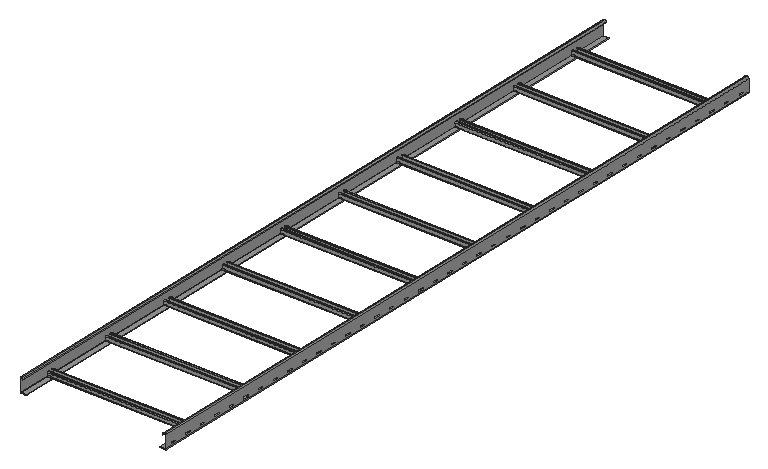
Revit family "LLIS 660 3 FS_FT Kabelleiter,gelocht", category Generic Models, Revit 2017
Family settings
  Can host rebar = No
  Round Connector Dimension = Use Diameter
  Part Type = Normal
  Work Plane-Based = No
  Always vertical = Yes
  Cut with Voids When Loaded = No
  Shared = No
  Room Calculation Point = No
Parameters (values of type "LLIS 660 3 FT")
  Width = 599.965 mm
  URL = "http://www.obo-bettermann.com"
  Material = hot dip galvanised
  Manufacturer Art.No. = "6209578"
  Manufacturer = "OBO BETTERMANN"
  GTIN = "4012196773169"
  Cut's number 2 = 40
  Cut's number = 10
  Article Type = "LLIS 660 3 FT"
Types (3, lengths in mm): name | Material | Manufacturer Art.No. | GTIN | Article Type
  (no name) | hot dip galvanised | "6209578" | "4012196773169" | "LLIS 660 3 FT"
  LLIS 660 3 FS | Strip galvanised | "6209558" | "4012196772575" | "LLIS 660 3 FS"
  LLIS 660 3 FT | hot dip galvanised | "6209578" | "4012196773169" | "LLIS 660 3 FT"
Reference planes
  plane 1 "Center (Front/Back)": y = 0
  plane 2: z = 0
  plane 3 "Center (Left/Right)": x = 0
  plane 4: x = 200
  plane 5: z = 60
  plane 6: x = 12
  plane 7: x = 188
  plane 8: z = 51
  plane 9: z = 51
  plane 10: z = 55.5
  plane 11: z = 55.5
  plane 12: y = 3000
  plane 13: y = 150
  plane 14: y = 135
  plane 15: y = 165
  plane 16: z = 19
  plane 17: x = 196.263
  plane 18: x = 199.013
  plane 19: x = 199.967
  plane 20: x = -396.237
  plane 21: x = -398.99
  plane 22: y = 450
  plane 23: y = 435
  plane 24: y = 465
  plane 25: z = 19
  plane 26: y = 750
  plane 27: y = 735
  plane 28: y = 765
  plane 29: z = 19
  plane 30: y = 1050
  plane 31: y = 1035
  plane 32: y = 1065
  plane 33: z = 19
  plane 34: y = 1350
  plane 35: y = 1335
  plane 36: y = 1365
  plane 37: z = 19
  plane 38: y = 1650
  plane 39: y = 1635
  plane 40: y = 1665
  plane 41: z = 19
  plane 42: y = 1950
  plane 43: y = 1935
  plane 44: y = 1965
  plane 45: z = 19
  plane 46: y = 2250
  plane 47: y = 2235
  plane 48: y = 2265
  plane 49: z = 19
  plane 50: y = 2550
  plane 51: y = 2535
  plane 52: y = 2565
  plane 53: z = 19
  plane 54: y = 2850
  plane 55: y = 2835
  plane 56: y = 2865
  plane 57: z = 19
  plane 58: x = 199
  plane 59: x = -399.048
  plane 60: z = 14
  plane 61: y = 37.5
  plane 62: z = 14
  plane 63: y = 112.5
  plane 64: z = 14
  plane 65: y = 187.5
  plane 66: z = 14
  plane 67: y = 262.5
  plane 68: z = 14
  plane 69: y = 337.5
  plane 70: z = 14
  plane 71: y = 412.5
  plane 72: z = 14
  plane 73: y = 487.5
  plane 74: z = 14
  plane 75: y = 562.5
  plane 76: z = 14
  plane 77: y = 637.5
  plane 78: z = 14
  plane 79: y = 712.5
  plane 80: z = 14
  plane 81: y = 787.5
  plane 82: z = 14
  plane 83: y = 862.5
  plane 84: z = 14
  plane 85: y = 937.5
  plane 86: z = 14
  plane 87: y = 1012.5
  plane 88: z = 14
  plane 89: y = 1087.5
  plane 90: z = 14
  plane 91: y = 1162.5
  plane 92: z = 14
  plane 93: y = 1237.5
  plane 94: z = 14
  plane 95: y = 1312.5
  plane 96: z = 14
  plane 97: y = 1387.5
  plane 98: z = 14
  plane 99: y = 1462.5
  plane 100: z = 14
  plane 101: y = 1537.5
  plane 102: z = 14
  plane 103: y = 1612.5
  plane 104: z = 14
  plane 105: y = 1687.5
  plane 106: z = 14
  plane 107: y = 1762.5
  plane 108: z = 14
  plane 109: y = 1837.5
  plane 110: z = 14
  plane 111: y = 1912.5
  plane 112: z = 14
  plane 113: y = 1987.5
  plane 114: z = 14
  plane 115: y = 2062.5
  plane 116: z = 14
  plane 117: y = 2137.5
  plane 118: z = 14
  plane 119: y = 2212.5
  plane 120: z = 14
  plane 121: y = 2287.5
  plane 122: z = 14
  plane 123: y = 2362.5
  plane 124: z = 14
  plane 125: y = 2437.5
  plane 126: z = 14
  plane 127: y = 2512.5
  plane 128: z = 14
  plane 129: y = 2587.5
  plane 130: z = 14
  plane 131: y = 2662.5
  plane 132: z = 14
  plane 133: y = 2737.5
  plane 134: z = 14
  plane 135: y = 2812.5
  plane 136: z = 14
  plane 137: y = 2887.5
  plane 138: z = 14
  plane 139: y = 2962.5
  plane 140: x = -99.965
Forms (mm)
  Extrusion 1, solid, material "hot dip galvanised" <- "Material"
    sketch origin (0, 0, 0) x (1, 0, 0) y (0, 0, 1)
      loop
        line (-399.965, 54.006) -> (-399.965, 2)
        arc (-399.965, 2) -> (-399.379, 0.586) -> (-397.965, 0) r 2
        line (-397.965, 0) -> (-372.99, 0) -> (-372.99, 1) -> (-397.965, 1)
        arc (-397.965, 1) -> (-398.672, 1.293) -> (-398.965, 2) r 1
        line (-398.965, 2) -> (-398.965, 54.006)
        arc (-398.965, 54.006) -> (-393.965, 59.006) -> (-388.965, 54.006) r 5
        line (-388.965, 54.006) -> (-388.965, 51) -> (-387.965, 51) -> (-387.965, 54.006)
        arc (-387.965, 54.006) -> (-393.965, 60.006) -> (-399.965, 54.006) r 6
      loop
        line (200, 2) -> (200, 53.941)
        arc (200, 53.941) -> (194, 59.941) -> (188, 53.941) r 6
        line (188, 53.941) -> (188, 51) -> (189.035, 51) -> (189.035, 53.941)
        arc (189.035, 53.941) -> (194.018, 58.924) -> (199, 53.941) r 4.982
        line (199, 53.941) -> (199, 2)
        arc (199, 2) -> (198.707, 1.293) -> (198, 1) r 1
        line (198, 1) -> (172.972, 1) -> (172.972, 0) -> (198, 0)
        arc (198, 0) -> (199.414, 0.586) -> (200, 2) r 2
    from 0 to -3000
  Extrusion 2, solid, material "hot dip galvanised" <- "Material"
    sketch origin (0.013, 0, 0) x (0, 1, 0) y (0, 0, 1)
      loop
        line (137, 1) -> (163, 1)
        arc (163, 1) -> (164.414, 1.586) -> (165, 3) r 2
        line (165, 3) -> (165, 17)
        arc (165, 17) -> (164.414, 18.414) -> (163, 19) r 2
        line (163, 19) -> (158.5, 19) -> (158.5, 18) -> (163, 18)
        arc (163, 18) -> (163.707, 17.707) -> (164, 17) r 1
        line (164, 17) -> (164, 3)
        arc (164, 3) -> (163.707, 2.293) -> (163, 2) r 1
        line (163, 2) -> (137, 2)
        arc (137, 2) -> (136.293, 2.293) -> (136, 3) r 1
        line (136, 3) -> (136, 17)
        arc (136, 17) -> (136.293, 17.707) -> (137, 18) r 1
        line (137, 18) -> (141.517, 18) -> (141.517, 19) -> (137, 19)
        arc (137, 19) -> (135.586, 18.414) -> (135, 17) r 2
        line (135, 17) -> (135, 3)
        arc (135, 3) -> (135.586, 1.586) -> (137, 1) r 2
    from -396.25 to 196.25
  Extrusion 3, solid, material "hot dip galvanised" <- "Material"
    sketch origin (0.035, 300, 0) x (0, 1, 0) y (0, 0, 1)
      loop
        line (137, 1) -> (163, 1)
        arc (163, 1) -> (164.414, 1.586) -> (165, 3) r 2
        line (165, 3) -> (165, 17)
        arc (165, 17) -> (164.414, 18.414) -> (163, 19) r 2
        line (163, 19) -> (158.5, 19) -> (158.5, 18) -> (163, 18)
        arc (163, 18) -> (163.707, 17.707) -> (164, 17) r 1
        line (164, 17) -> (164, 3)
        arc (164, 3) -> (163.707, 2.293) -> (163, 2) r 1
        line (163, 2) -> (137, 2)
        arc (137, 2) -> (136.293, 2.293) -> (136, 3) r 1
        line (136, 3) -> (136, 17)
        arc (136, 17) -> (136.293, 17.707) -> (137, 18) r 1
        line (137, 18) -> (141.517, 18) -> (141.517, 19) -> (137, 19)
        arc (137, 19) -> (135.586, 18.414) -> (135, 17) r 2
        line (135, 17) -> (135, 3)
        arc (135, 3) -> (135.586, 1.586) -> (137, 1) r 2
    from -396.25 to 196.25
  Extrusion 4, solid, material "hot dip galvanised" <- "Material"
    sketch origin (0.035, 600, 0) x (0, 1, 0) y (0, 0, 1)
      loop
        line (137, 1) -> (163, 1)
        arc (163, 1) -> (164.414, 1.586) -> (165, 3) r 2
        line (165, 3) -> (165, 17)
        arc (165, 17) -> (164.414, 18.414) -> (163, 19) r 2
        line (163, 19) -> (158.5, 19) -> (158.5, 18) -> (163, 18)
        arc (163, 18) -> (163.707, 17.707) -> (164, 17) r 1
        line (164, 17) -> (164, 3)
        arc (164, 3) -> (163.707, 2.293) -> (163, 2) r 1
        line (163, 2) -> (137, 2)
        arc (137, 2) -> (136.293, 2.293) -> (136, 3) r 1
        line (136, 3) -> (136, 17)
        arc (136, 17) -> (136.293, 17.707) -> (137, 18) r 1
        line (137, 18) -> (141.517, 18) -> (141.517, 19) -> (137, 19)
        arc (137, 19) -> (135.586, 18.414) -> (135, 17) r 2
        line (135, 17) -> (135, 3)
        arc (135, 3) -> (135.586, 1.586) -> (137, 1) r 2
    from -396.25 to 196.25
  Extrusion 5, solid, material "hot dip galvanised" <- "Material"
    sketch origin (0.035, 900, 0) x (0, 1, 0) y (0, 0, 1)
      loop
        line (137, 1) -> (163, 1)
        arc (163, 1) -> (164.414, 1.586) -> (165, 3) r 2
        line (165, 3) -> (165, 17)
        arc (165, 17) -> (164.414, 18.414) -> (163, 19) r 2
        line (163, 19) -> (158.5, 19) -> (158.5, 18) -> (163, 18)
        arc (163, 18) -> (163.707, 17.707) -> (164, 17) r 1
        line (164, 17) -> (164, 3)
        arc (164, 3) -> (163.707, 2.293) -> (163, 2) r 1
        line (163, 2) -> (137, 2)
        arc (137, 2) -> (136.293, 2.293) -> (136, 3) r 1
        line (136, 3) -> (136, 17)
        arc (136, 17) -> (136.293, 17.707) -> (137, 18) r 1
        line (137, 18) -> (141.517, 18) -> (141.517, 19) -> (137, 19)
        arc (137, 19) -> (135.586, 18.414) -> (135, 17) r 2
        line (135, 17) -> (135, 3)
        arc (135, 3) -> (135.586, 1.586) -> (137, 1) r 2
    from -396.25 to 196.25
  Extrusion 6, solid, material "hot dip galvanised" <- "Material"
    sketch origin (0.035, 1200, 0) x (0, 1, 0) y (0, 0, 1)
      loop
        line (137, 1) -> (163, 1)
        arc (163, 1) -> (164.414, 1.586) -> (165, 3) r 2
        line (165, 3) -> (165, 17)
        arc (165, 17) -> (164.414, 18.414) -> (163, 19) r 2
        line (163, 19) -> (158.5, 19) -> (158.5, 18) -> (163, 18)
        arc (163, 18) -> (163.707, 17.707) -> (164, 17) r 1
        line (164, 17) -> (164, 3)
        arc (164, 3) -> (163.707, 2.293) -> (163, 2) r 1
        line (163, 2) -> (137, 2)
        arc (137, 2) -> (136.293, 2.293) -> (136, 3) r 1
        line (136, 3) -> (136, 17)
        arc (136, 17) -> (136.293, 17.707) -> (137, 18) r 1
        line (137, 18) -> (141.517, 18) -> (141.517, 19) -> (137, 19)
        arc (137, 19) -> (135.586, 18.414) -> (135, 17) r 2
        line (135, 17) -> (135, 3)
        arc (135, 3) -> (135.586, 1.586) -> (137, 1) r 2
    from -396.25 to 196.25
  Extrusion 7, solid, material "hot dip galvanised" <- "Material"
    sketch origin (0.035, 1500, 0) x (0, 1, 0) y (0, 0, 1)
      loop
        line (137, 1) -> (163, 1)
        arc (163, 1) -> (164.414, 1.586) -> (165, 3) r 2
        line (165, 3) -> (165, 17)
        arc (165, 17) -> (164.414, 18.414) -> (163, 19) r 2
        line (163, 19) -> (158.5, 19) -> (158.5, 18) -> (163, 18)
        arc (163, 18) -> (163.707, 17.707) -> (164, 17) r 1
        line (164, 17) -> (164, 3)
        arc (164, 3) -> (163.707, 2.293) -> (163, 2) r 1
        line (163, 2) -> (137, 2)
        arc (137, 2) -> (136.293, 2.293) -> (136, 3) r 1
        line (136, 3) -> (136, 17)
        arc (136, 17) -> (136.293, 17.707) -> (137, 18) r 1
        line (137, 18) -> (141.517, 18) -> (141.517, 19) -> (137, 19)
        arc (137, 19) -> (135.586, 18.414) -> (135, 17) r 2
        line (135, 17) -> (135, 3)
        arc (135, 3) -> (135.586, 1.586) -> (137, 1) r 2
    from -396.25 to 196.25
  Extrusion 8, solid, material "hot dip galvanised" <- "Material"
    sketch origin (0.035, 1800, 0) x (0, 1, 0) y (0, 0, 1)
      loop
        line (137, 1) -> (163, 1)
        arc (163, 1) -> (164.414, 1.586) -> (165, 3) r 2
        line (165, 3) -> (165, 17)
        arc (165, 17) -> (164.414, 18.414) -> (163, 19) r 2
        line (163, 19) -> (158.5, 19) -> (158.5, 18) -> (163, 18)
        arc (163, 18) -> (163.707, 17.707) -> (164, 17) r 1
        line (164, 17) -> (164, 3)
        arc (164, 3) -> (163.707, 2.293) -> (163, 2) r 1
        line (163, 2) -> (137, 2)
        arc (137, 2) -> (136.293, 2.293) -> (136, 3) r 1
        line (136, 3) -> (136, 17)
        arc (136, 17) -> (136.293, 17.707) -> (137, 18) r 1
        line (137, 18) -> (141.517, 18) -> (141.517, 19) -> (137, 19)
        arc (137, 19) -> (135.586, 18.414) -> (135, 17) r 2
        line (135, 17) -> (135, 3)
        arc (135, 3) -> (135.586, 1.586) -> (137, 1) r 2
    from -396.25 to 196.25
  Extrusion 9, solid, material "hot dip galvanised" <- "Material"
    sketch origin (0.035, 2100, 0) x (0, 1, 0) y (0, 0, 1)
      loop
        line (137, 1) -> (163, 1)
        arc (163, 1) -> (164.414, 1.586) -> (165, 3) r 2
        line (165, 3) -> (165, 17)
        arc (165, 17) -> (164.414, 18.414) -> (163, 19) r 2
        line (163, 19) -> (158.5, 19) -> (158.5, 18) -> (163, 18)
        arc (163, 18) -> (163.707, 17.707) -> (164, 17) r 1
        line (164, 17) -> (164, 3)
        arc (164, 3) -> (163.707, 2.293) -> (163, 2) r 1
        line (163, 2) -> (137, 2)
        arc (137, 2) -> (136.293, 2.293) -> (136, 3) r 1
        line (136, 3) -> (136, 17)
        arc (136, 17) -> (136.293, 17.707) -> (137, 18) r 1
        line (137, 18) -> (141.517, 18) -> (141.517, 19) -> (137, 19)
        arc (137, 19) -> (135.586, 18.414) -> (135, 17) r 2
        line (135, 17) -> (135, 3)
        arc (135, 3) -> (135.586, 1.586) -> (137, 1) r 2
    from -396.25 to 196.25
  Extrusion 10, solid, material "hot dip galvanised" <- "Material"
    sketch origin (0.035, 2400, 0) x (0, 1, 0) y (0, 0, 1)
      loop
        line (137, 1) -> (163, 1)
        arc (163, 1) -> (164.414, 1.586) -> (165, 3) r 2
        line (165, 3) -> (165, 17)
        arc (165, 17) -> (164.414, 18.414) -> (163, 19) r 2
        line (163, 19) -> (158.5, 19) -> (158.5, 18) -> (163, 18)
        arc (163, 18) -> (163.707, 17.707) -> (164, 17) r 1
        line (164, 17) -> (164, 3)
        arc (164, 3) -> (163.707, 2.293) -> (163, 2) r 1
        line (163, 2) -> (137, 2)
        arc (137, 2) -> (136.293, 2.293) -> (136, 3) r 1
        line (136, 3) -> (136, 17)
        arc (136, 17) -> (136.293, 17.707) -> (137, 18) r 1
        line (137, 18) -> (141.517, 18) -> (141.517, 19) -> (137, 19)
        arc (137, 19) -> (135.586, 18.414) -> (135, 17) r 2
        line (135, 17) -> (135, 3)
        arc (135, 3) -> (135.586, 1.586) -> (137, 1) r 2
    from -396.25 to 196.25
  Extrusion 11, solid, material "hot dip galvanised" <- "Material"
    sketch origin (0, 2700, 0) x (0, 1, 0) y (0, 0, 1)
      loop
        line (137, 1) -> (163, 1)
        arc (163, 1) -> (164.414, 1.586) -> (165, 3) r 2
        line (165, 3) -> (165, 17)
        arc (165, 17) -> (164.414, 18.414) -> (163, 19) r 2
        line (163, 19) -> (158.5, 19) -> (158.5, 18) -> (163, 18)
        arc (163, 18) -> (163.707, 17.707) -> (164, 17) r 1
        line (164, 17) -> (164, 3)
        arc (164, 3) -> (163.707, 2.293) -> (163, 2) r 1
        line (163, 2) -> (137, 2)
        arc (137, 2) -> (136.293, 2.293) -> (136, 3) r 1
        line (136, 3) -> (136, 17)
        arc (136, 17) -> (136.293, 17.707) -> (137, 18) r 1
        line (137, 18) -> (141.517, 18) -> (141.517, 19) -> (137, 19)
        arc (137, 19) -> (135.586, 18.414) -> (135, 17) r 2
        line (135, 17) -> (135, 3)
        arc (135, 3) -> (135.586, 1.586) -> (137, 1) r 2
    from -396.215 to 196.285
  Extrusion 12, void
    sketch origin (0, 0, 0) x (0, 1, 0) y (0, 0, 1)
      loop
        line (23.5, 18.5) -> (23.5, 9.5) -> (51.5, 9.5) -> (51.5, 18.5) -> (23.5, 18.5)
    from 199 to 200
  Extrusion 13, void
    sketch origin (0, 75, 0) x (0, 1, 0) y (0, 0, 1)
      loop
        line (23.5, 18.5) -> (23.5, 9.5) -> (51.5, 9.5) -> (51.5, 18.5) -> (23.5, 18.5)
    from 199 to 200
  Extrusion 14, void
    sketch origin (0, 150, 0) x (0, 1, 0) y (0, 0, 1)
      loop
        line (23.5, 18.5) -> (23.5, 9.5) -> (51.5, 9.5) -> (51.5, 18.5) -> (23.5, 18.5)
    from 199 to 200
  Extrusion 15, void
    sketch origin (0, 225, 0) x (0, 1, 0) y (0, 0, 1)
      loop
        line (23.5, 18.5) -> (23.5, 9.5) -> (51.5, 9.5) -> (51.5, 18.5) -> (23.5, 18.5)
    from 199 to 200
  Extrusion 16, void
    sketch origin (0, 300, 0) x (0, 1, 0) y (0, 0, 1)
      loop
        line (23.5, 18.5) -> (23.5, 9.5) -> (51.5, 9.5) -> (51.5, 18.5) -> (23.5, 18.5)
    from 199 to 200
  Extrusion 17, void
    sketch origin (0, 375, 0) x (0, 1, 0) y (0, 0, 1)
      loop
        line (23.5, 18.5) -> (23.5, 9.5) -> (51.5, 9.5) -> (51.5, 18.5) -> (23.5, 18.5)
    from 199 to 200
  Extrusion 18, void
    sketch origin (0, 450, 0) x (0, 1, 0) y (0, 0, 1)
      loop
        line (23.5, 18.5) -> (23.5, 9.5) -> (51.5, 9.5) -> (51.5, 18.5) -> (23.5, 18.5)
    from 199 to 200
  Extrusion 19, void
    sketch origin (0, 525, 0) x (0, 1, 0) y (0, 0, 1)
      loop
        line (23.5, 18.5) -> (23.5, 9.5) -> (51.5, 9.5) -> (51.5, 18.5) -> (23.5, 18.5)
    from 199 to 200
  Extrusion 20, void
    sketch origin (0, 600, 0) x (0, 1, 0) y (0, 0, 1)
      loop
        line (23.5, 18.5) -> (23.5, 9.5) -> (51.5, 9.5) -> (51.5, 18.5) -> (23.5, 18.5)
    from 199 to 200
  Extrusion 21, void
    sketch origin (0, 675, 0) x (0, 1, 0) y (0, 0, 1)
      loop
        line (23.5, 18.5) -> (23.5, 9.5) -> (51.5, 9.5) -> (51.5, 18.5) -> (23.5, 18.5)
    from 199 to 200
  Extrusion 22, void
    sketch origin (0, 750, 0) x (0, 1, 0) y (0, 0, 1)
      loop
        line (23.5, 18.5) -> (23.5, 9.5) -> (51.5, 9.5) -> (51.5, 18.5) -> (23.5, 18.5)
    from 199 to 200
  Extrusion 23, void
    sketch origin (0, 825, 0) x (0, 1, 0) y (0, 0, 1)
      loop
        line (23.5, 18.5) -> (23.5, 9.5) -> (51.5, 9.5) -> (51.5, 18.5) -> (23.5, 18.5)
    from 199 to 200
  Extrusion 24, void
    sketch origin (0, 900, 0) x (0, 1, 0) y (0, 0, 1)
      loop
        line (23.5, 18.5) -> (23.5, 9.5) -> (51.5, 9.5) -> (51.5, 18.5) -> (23.5, 18.5)
    from 199 to 200
  Extrusion 25, void
    sketch origin (0, 975, 0) x (0, 1, 0) y (0, 0, 1)
      loop
        line (23.5, 18.5) -> (23.5, 9.5) -> (51.5, 9.5) -> (51.5, 18.5) -> (23.5, 18.5)
    from 199 to 200
  Extrusion 26, void
    sketch origin (0, 1050, 0) x (0, 1, 0) y (0, 0, 1)
      loop
        line (23.5, 18.5) -> (23.5, 9.5) -> (51.5, 9.5) -> (51.5, 18.5) -> (23.5, 18.5)
    from 199 to 200
  Extrusion 27, void
    sketch origin (0, 1125, 0) x (0, 1, 0) y (0, 0, 1)
      loop
        line (23.5, 18.5) -> (23.5, 9.5) -> (51.5, 9.5) -> (51.5, 18.5) -> (23.5, 18.5)
    from 199 to 200
  Extrusion 28, void
    sketch origin (0, 1200, 0) x (0, 1, 0) y (0, 0, 1)
      loop
        line (23.5, 18.5) -> (23.5, 9.5) -> (51.5, 9.5) -> (51.5, 18.5) -> (23.5, 18.5)
    from 199 to 200
  Extrusion 29, void
    sketch origin (0, 1275, 0) x (0, 1, 0) y (0, 0, 1)
      loop
        line (23.5, 18.5) -> (23.5, 9.5) -> (51.5, 9.5) -> (51.5, 18.5) -> (23.5, 18.5)
    from 199 to 200
  Extrusion 30, void
    sketch origin (0, 1350, 0) x (0, 1, 0) y (0, 0, 1)
      loop
        line (23.5, 18.5) -> (23.5, 9.5) -> (51.5, 9.5) -> (51.5, 18.5) -> (23.5, 18.5)
    from 199 to 200
  Extrusion 31, void
    sketch origin (0, 1425, 0) x (0, 1, 0) y (0, 0, 1)
      loop
        line (23.5, 18.5) -> (23.5, 9.5) -> (51.5, 9.5) -> (51.5, 18.5) -> (23.5, 18.5)
    from 199 to 200
  Extrusion 32, void
    sketch origin (0, 1500, 0) x (0, 1, 0) y (0, 0, 1)
      loop
        line (23.5, 18.5) -> (23.5, 9.5) -> (51.5, 9.5) -> (51.5, 18.5) -> (23.5, 18.5)
    from 199 to 200
  Extrusion 33, void
    sketch origin (0, 1575, 0) x (0, 1, 0) y (0, 0, 1)
      loop
        line (23.5, 18.5) -> (23.5, 9.5) -> (51.5, 9.5) -> (51.5, 18.5) -> (23.5, 18.5)
    from 199 to 200
  Extrusion 34, void
    sketch origin (0, 1650, 0) x (0, 1, 0) y (0, 0, 1)
      loop
        line (23.5, 18.5) -> (23.5, 9.5) -> (51.5, 9.5) -> (51.5, 18.5) -> (23.5, 18.5)
    from 199 to 200
  Extrusion 35, void
    sketch origin (0, 1725, 0) x (0, 1, 0) y (0, 0, 1)
      loop
        line (23.5, 18.5) -> (23.5, 9.5) -> (51.5, 9.5) -> (51.5, 18.5) -> (23.5, 18.5)
    from 199 to 200
  Extrusion 36, void
    sketch origin (0, 1800, 0) x (0, 1, 0) y (0, 0, 1)
      loop
        line (23.5, 18.5) -> (23.5, 9.5) -> (51.5, 9.5) -> (51.5, 18.5) -> (23.5, 18.5)
    from 199 to 200
  Extrusion 37, void
    sketch origin (0, 1875, 0) x (0, 1, 0) y (0, 0, 1)
      loop
        line (23.5, 18.5) -> (23.5, 9.5) -> (51.5, 9.5) -> (51.5, 18.5) -> (23.5, 18.5)
    from 199 to 200
  Extrusion 38, void
    sketch origin (0, 1950, 0) x (0, 1, 0) y (0, 0, 1)
      loop
        line (23.5, 18.5) -> (23.5, 9.5) -> (51.5, 9.5) -> (51.5, 18.5) -> (23.5, 18.5)
    from 199 to 200
  Extrusion 39, void
    sketch origin (0, 2025, 0) x (0, 1, 0) y (0, 0, 1)
      loop
        line (23.5, 18.5) -> (23.5, 9.5) -> (51.5, 9.5) -> (51.5, 18.5) -> (23.5, 18.5)
    from 199 to 200
  Extrusion 40, void
    sketch origin (0, 2100, 0) x (0, 1, 0) y (0, 0, 1)
      loop
        line (23.5, 18.5) -> (23.5, 9.5) -> (51.5, 9.5) -> (51.5, 18.5) -> (23.5, 18.5)
    from 199 to 200
  Extrusion 41, void
    sketch origin (0, 2175, 0) x (0, 1, 0) y (0, 0, 1)
      loop
        line (23.5, 18.5) -> (23.5, 9.5) -> (51.5, 9.5) -> (51.5, 18.5) -> (23.5, 18.5)
    from 199 to 200
  Extrusion 42, void
    sketch origin (0, 2250, 0) x (0, 1, 0) y (0, 0, 1)
      loop
        line (23.5, 18.5) -> (23.5, 9.5) -> (51.5, 9.5) -> (51.5, 18.5) -> (23.5, 18.5)
    from 199 to 200
  Extrusion 43, void
    sketch origin (0, 2325, 0) x (0, 1, 0) y (0, 0, 1)
      loop
        line (23.5, 18.5) -> (23.5, 9.5) -> (51.5, 9.5) -> (51.5, 18.5) -> (23.5, 18.5)
    from 199 to 200
  Extrusion 44, void
    sketch origin (0, 2400, 0) x (0, 1, 0) y (0, 0, 1)
      loop
        line (23.5, 18.5) -> (23.5, 9.5) -> (51.5, 9.5) -> (51.5, 18.5) -> (23.5, 18.5)
    from 199 to 200
  Extrusion 45, void
    sketch origin (0, 2475, 0) x (0, 1, 0) y (0, 0, 1)
      loop
        line (23.5, 18.5) -> (23.5, 9.5) -> (51.5, 9.5) -> (51.5, 18.5) -> (23.5, 18.5)
    from 199 to 200
  Extrusion 46, void
    sketch origin (0, 2550, 0) x (0, 1, 0) y (0, 0, 1)
      loop
        line (23.5, 18.5) -> (23.5, 9.5) -> (51.5, 9.5) -> (51.5, 18.5) -> (23.5, 18.5)
    from 199 to 200
  Extrusion 47, void
    sketch origin (0, 2625, 0) x (0, 1, 0) y (0, 0, 1)
      loop
        line (23.5, 18.5) -> (23.5, 9.5) -> (51.5, 9.5) -> (51.5, 18.5) -> (23.5, 18.5)
    from 199 to 200
  Extrusion 48, void
    sketch origin (0, 2700, 0) x (0, 1, 0) y (0, 0, 1)
      loop
        line (23.5, 18.5) -> (23.5, 9.5) -> (51.5, 9.5) -> (51.5, 18.5) -> (23.5, 18.5)
    from 199 to 200
  Extrusion 49, void
    sketch origin (0, 2775, 0) x (0, 1, 0) y (0, 0, 1)
      loop
        line (23.5, 18.5) -> (23.5, 9.5) -> (51.5, 9.5) -> (51.5, 18.5) -> (23.5, 18.5)
    from 199 to 200
  Extrusion 50, void
    sketch origin (0, 2850, 0) x (0, 1, 0) y (0, 0, 1)
      loop
        line (23.5, 18.5) -> (23.5, 9.5) -> (51.5, 9.5) -> (51.5, 18.5) -> (23.5, 18.5)
    from 199 to 200
  Extrusion 51, void
    sketch origin (0, 2925, 0) x (0, 1, 0) y (0, 0, 1)
      loop
        line (23.5, 18.5) -> (23.5, 9.5) -> (51.5, 9.5) -> (51.5, 18.5) -> (23.5, 18.5)
    from 199 to 200
Cuts and joins
  Extrusion 12, Extrusion 13, Extrusion 14, Extrusion 15, Extrusion 16, Extrusion 17, Extrusion 18, Extrusion 19, Extrusion 20, Extrusion 21, Extrusion 22, Extrusion 23, Extrusion 24, Extrusion 25, Extrusion 26, Extrusion 27, Extrusion 28, Extrusion 29, Extrusion 30, Extrusion 31, Extrusion 32, Extrusion 33, Extrusion 34, Extrusion 35, Extrusion 36, Extrusion 37, Extrusion 38, Extrusion 39, Extrusion 40, Extrusion 41, Extrusion 42, Extrusion 43, Extrusion 44, Extrusion 45, Extrusion 46, Extrusion 47, Extrusion 48, Extrusion 49, Extrusion 50, Extrusion 51 cuts Extrusion 1
Dimensions and locks
  locked: Extrusion 1 sketch curve to Extrusion 1 sketch curve at 1  (x4)
  locked: Extrusion 1 sketch curve to Extrusion 1 sketch curve at 12  (x2)
  locked: Extrusion 1 sketch curve to Extrusion 1 sketch curve at 8.941
  Extrusion 1 sketch curve to Extrusion 1 sketch curve = 9.965 mm
  locked: Extrusion 1 sketch curve to Extrusion 1 sketch curve at 10
  locked: Extrusion 1 sketch curve to Extrusion 1 sketch curve at 51  (x2)
  "Width": Extrusion 1 to Extrusion 1
  Extrusion 1 sketch curve to Extrusion 1 sketch curve = 12 mm
  locked: Extrusion 1 sketch curve to Extrusion 1 sketch curve at 26.975
  locked: plane 1 "Center (Front/Back)" to plane 12 at 3000
  locked: Extrusion 1 to plane 19 at 11.967
  locked: plane 21 to Extrusion 1 at 10.025
  locked: plane 21 to plane 20 at 2.775
  Extrusion 2 to plane 18 = 2.75 mm
  locked: plane 17 to plane 18 at 2.75
  locked: Extrusion 1 to plane 58 at 9.965
  locked: Extrusion 3 to plane 58 at 2.715
  locked: Extrusion 4 to plane 58 at 2.715
  locked: Extrusion 5 to plane 58 at 2.715
  locked: Extrusion 6 to plane 58 at 2.715
  locked: Extrusion 7 to plane 58 at 2.715
  locked: Extrusion 8 to plane 58 at 2.715
  locked: Extrusion 9 to plane 58 at 2.715
  locked: Extrusion 11 to plane 58 at 2.715
  locked: Extrusion 10 to plane 58 at 2.715
  locked: plane 59 to Extrusion 3 at 2.834
  locked: plane 59 to Extrusion 1 at 11.084
  locked: plane 59 to Extrusion 5 at 2.834
  locked: plane 59 to Extrusion 6 at 2.834
  locked: plane 59 to Extrusion 7 at 2.834
  locked: plane 59 to Extrusion 8 at 2.834
  locked: plane 59 to Extrusion 9 at 2.834
  locked: plane 59 to Extrusion 10 at 2.834
  locked: plane 59 to Extrusion 11 at 2.834
  locked: Extrusion 12 sketch curve to Extrusion 12 sketch curve at 28
  locked: Extrusion 12 sketch curve to plane 61 at 14
  locked: Extrusion 12 sketch curve to Extrusion 12 sketch curve at 9
  locked: plane 60 to Extrusion 12 sketch curve at 4.5
  locked: Extrusion 13 sketch curve to Extrusion 13 sketch curve at 28
  locked: Extrusion 13 sketch curve to plane 63 at 14
  locked: Extrusion 13 sketch curve to Extrusion 13 sketch curve at 9
  locked: plane 62 to Extrusion 13 sketch curve at 4.5
  equal spacing: group 1, group 2, group 3, group 4, group 5, group 6, group 7, group 8, group 9, group 10, group 11, group 12, group 13, group 14, group 15, group 16, group 17, group 18, group 19, group 20, group 21, group 22, group 23, group 24, group 25, group 26, group 27, group 28, group 29, group 30, group 31, group 32, group 33, group 34, group 35, group 36, group 37, group 38, group 39, group 40  (x3)
  locked: Extrusion 14 sketch curve to Extrusion 14 sketch curve at 28
  locked: Extrusion 14 sketch curve to plane 65 at 14
  locked: Extrusion 14 sketch curve to Extrusion 14 sketch curve at 9
  locked: plane 64 to Extrusion 14 sketch curve at 4.5
  locked: Extrusion 15 sketch curve to Extrusion 15 sketch curve at 28
  locked: Extrusion 15 sketch curve to plane 67 at 14
  locked: Extrusion 15 sketch curve to Extrusion 15 sketch curve at 9
  locked: plane 66 to Extrusion 15 sketch curve at 4.5
  locked: Extrusion 16 sketch curve to Extrusion 16 sketch curve at 28
  locked: Extrusion 16 sketch curve to plane 69 at 14
  locked: Extrusion 16 sketch curve to Extrusion 16 sketch curve at 9
  locked: plane 68 to Extrusion 16 sketch curve at 4.5
  locked: Extrusion 17 sketch curve to Extrusion 17 sketch curve at 28
  locked: Extrusion 17 sketch curve to plane 71 at 14
  locked: Extrusion 17 sketch curve to Extrusion 17 sketch curve at 9
  locked: plane 70 to Extrusion 17 sketch curve at 4.5
  locked: Extrusion 18 sketch curve to Extrusion 18 sketch curve at 28
  locked: Extrusion 18 sketch curve to plane 73 at 14
  locked: Extrusion 18 sketch curve to Extrusion 18 sketch curve at 9
  locked: plane 72 to Extrusion 18 sketch curve at 4.5
  locked: Extrusion 19 sketch curve to Extrusion 19 sketch curve at 28
  locked: Extrusion 19 sketch curve to plane 75 at 14
  locked: Extrusion 19 sketch curve to Extrusion 19 sketch curve at 9
  locked: plane 74 to Extrusion 19 sketch curve at 4.5
  locked: Extrusion 20 sketch curve to Extrusion 20 sketch curve at 28
  locked: Extrusion 20 sketch curve to plane 77 at 14
  locked: Extrusion 20 sketch curve to Extrusion 20 sketch curve at 9
  locked: plane 76 to Extrusion 20 sketch curve at 4.5
  locked: Extrusion 21 sketch curve to Extrusion 21 sketch curve at 28
  locked: Extrusion 21 sketch curve to plane 79 at 14
  locked: Extrusion 21 sketch curve to Extrusion 21 sketch curve at 9
  locked: plane 78 to Extrusion 21 sketch curve at 4.5
  locked: Extrusion 22 sketch curve to Extrusion 22 sketch curve at 28
  locked: Extrusion 22 sketch curve to plane 81 at 14
  locked: Extrusion 22 sketch curve to Extrusion 22 sketch curve at 9
  locked: plane 80 to Extrusion 22 sketch curve at 4.5
  locked: Extrusion 23 sketch curve to Extrusion 23 sketch curve at 28
  locked: Extrusion 23 sketch curve to plane 83 at 14
  locked: Extrusion 23 sketch curve to Extrusion 23 sketch curve at 9
  locked: plane 82 to Extrusion 23 sketch curve at 4.5
  locked: Extrusion 24 sketch curve to Extrusion 24 sketch curve at 28
  locked: Extrusion 24 sketch curve to plane 85 at 14
  locked: Extrusion 24 sketch curve to Extrusion 24 sketch curve at 9
  locked: plane 84 to Extrusion 24 sketch curve at 4.5
  locked: Extrusion 25 sketch curve to Extrusion 25 sketch curve at 28
  locked: Extrusion 25 sketch curve to plane 87 at 14
  locked: Extrusion 25 sketch curve to Extrusion 25 sketch curve at 9
  locked: plane 86 to Extrusion 25 sketch curve at 4.5
  locked: Extrusion 26 sketch curve to Extrusion 26 sketch curve at 28
  locked: Extrusion 26 sketch curve to plane 89 at 14
  locked: Extrusion 26 sketch curve to Extrusion 26 sketch curve at 9
  locked: plane 88 to Extrusion 26 sketch curve at 4.5
  locked: Extrusion 27 sketch curve to Extrusion 27 sketch curve at 28
  locked: Extrusion 27 sketch curve to plane 91 at 14
  locked: Extrusion 27 sketch curve to Extrusion 27 sketch curve at 9
  locked: plane 90 to Extrusion 27 sketch curve at 4.5
  locked: Extrusion 28 sketch curve to Extrusion 28 sketch curve at 28
  locked: Extrusion 28 sketch curve to plane 93 at 14
  locked: Extrusion 28 sketch curve to Extrusion 28 sketch curve at 9
  locked: plane 92 to Extrusion 28 sketch curve at 4.5
  locked: Extrusion 29 sketch curve to Extrusion 29 sketch curve at 28
  locked: Extrusion 29 sketch curve to plane 95 at 14
  locked: Extrusion 29 sketch curve to Extrusion 29 sketch curve at 9
  locked: plane 94 to Extrusion 29 sketch curve at 4.5
  locked: Extrusion 30 sketch curve to Extrusion 30 sketch curve at 28
  locked: Extrusion 30 sketch curve to plane 97 at 14
  locked: Extrusion 30 sketch curve to Extrusion 30 sketch curve at 9
  locked: plane 96 to Extrusion 30 sketch curve at 4.5
  locked: Extrusion 31 sketch curve to Extrusion 31 sketch curve at 28
  locked: Extrusion 31 sketch curve to plane 99 at 14
  locked: Extrusion 31 sketch curve to Extrusion 31 sketch curve at 9
  locked: plane 98 to Extrusion 31 sketch curve at 4.5
  locked: Extrusion 32 sketch curve to Extrusion 32 sketch curve at 28
  locked: Extrusion 32 sketch curve to plane 101 at 14
  locked: Extrusion 32 sketch curve to Extrusion 32 sketch curve at 9
  locked: plane 100 to Extrusion 32 sketch curve at 4.5
  locked: Extrusion 33 sketch curve to Extrusion 33 sketch curve at 28
  locked: Extrusion 33 sketch curve to plane 103 at 14
  locked: Extrusion 33 sketch curve to Extrusion 33 sketch curve at 9
  locked: plane 102 to Extrusion 33 sketch curve at 4.5
  locked: Extrusion 34 sketch curve to Extrusion 34 sketch curve at 28
  locked: Extrusion 34 sketch curve to plane 105 at 14
  locked: Extrusion 34 sketch curve to Extrusion 34 sketch curve at 9
  locked: plane 104 to Extrusion 34 sketch curve at 4.5
  locked: Extrusion 35 sketch curve to Extrusion 35 sketch curve at 28
  locked: Extrusion 35 sketch curve to plane 107 at 14
  locked: Extrusion 35 sketch curve to Extrusion 35 sketch curve at 9
  locked: plane 106 to Extrusion 35 sketch curve at 4.5
  locked: Extrusion 36 sketch curve to Extrusion 36 sketch curve at 28
  locked: Extrusion 36 sketch curve to plane 109 at 14
  locked: Extrusion 36 sketch curve to Extrusion 36 sketch curve at 9
  locked: plane 108 to Extrusion 36 sketch curve at 4.5
  locked: Extrusion 37 sketch curve to Extrusion 37 sketch curve at 28
  locked: Extrusion 37 sketch curve to plane 111 at 14
  locked: Extrusion 37 sketch curve to Extrusion 37 sketch curve at 9
  locked: plane 110 to Extrusion 37 sketch curve at 4.5
  locked: Extrusion 38 sketch curve to Extrusion 38 sketch curve at 28
  locked: Extrusion 38 sketch curve to plane 113 at 14
  locked: Extrusion 38 sketch curve to Extrusion 38 sketch curve at 9
  locked: plane 112 to Extrusion 38 sketch curve at 4.5
  locked: Extrusion 39 sketch curve to Extrusion 39 sketch curve at 28
  locked: Extrusion 39 sketch curve to plane 115 at 14
  locked: Extrusion 39 sketch curve to Extrusion 39 sketch curve at 9
  locked: plane 114 to Extrusion 39 sketch curve at 4.5
  locked: Extrusion 40 sketch curve to Extrusion 40 sketch curve at 28
  locked: Extrusion 40 sketch curve to plane 117 at 14
  locked: Extrusion 40 sketch curve to Extrusion 40 sketch curve at 9
  locked: plane 116 to Extrusion 40 sketch curve at 4.5
  locked: Extrusion 41 sketch curve to Extrusion 41 sketch curve at 28
  locked: Extrusion 41 sketch curve to plane 119 at 14
  locked: Extrusion 41 sketch curve to Extrusion 41 sketch curve at 9
  locked: plane 118 to Extrusion 41 sketch curve at 4.5
  locked: Extrusion 42 sketch curve to Extrusion 42 sketch curve at 28
  locked: Extrusion 42 sketch curve to plane 121 at 14
  locked: Extrusion 42 sketch curve to Extrusion 42 sketch curve at 9
  locked: plane 120 to Extrusion 42 sketch curve at 4.5
  locked: Extrusion 43 sketch curve to Extrusion 43 sketch curve at 28
  locked: Extrusion 43 sketch curve to plane 123 at 14
  locked: Extrusion 43 sketch curve to Extrusion 43 sketch curve at 9
  locked: plane 122 to Extrusion 43 sketch curve at 4.5
  locked: Extrusion 44 sketch curve to Extrusion 44 sketch curve at 28
  locked: Extrusion 44 sketch curve to plane 125 at 14
  locked: Extrusion 44 sketch curve to Extrusion 44 sketch curve at 9
  locked: plane 124 to Extrusion 44 sketch curve at 4.5
  locked: Extrusion 45 sketch curve to Extrusion 45 sketch curve at 28
  locked: Extrusion 45 sketch curve to plane 127 at 14
  locked: Extrusion 45 sketch curve to Extrusion 45 sketch curve at 9
  locked: plane 126 to Extrusion 45 sketch curve at 4.5
  locked: Extrusion 46 sketch curve to Extrusion 46 sketch curve at 28
  locked: Extrusion 46 sketch curve to plane 129 at 14
  locked: Extrusion 46 sketch curve to Extrusion 46 sketch curve at 9
  locked: plane 128 to Extrusion 46 sketch curve at 4.5
  locked: Extrusion 47 sketch curve to Extrusion 47 sketch curve at 28
  locked: Extrusion 47 sketch curve to plane 131 at 14
  locked: Extrusion 47 sketch curve to Extrusion 47 sketch curve at 9
  locked: plane 130 to Extrusion 47 sketch curve at 4.5
  locked: Extrusion 48 sketch curve to Extrusion 48 sketch curve at 28
  locked: Extrusion 48 sketch curve to plane 133 at 14
  locked: Extrusion 48 sketch curve to Extrusion 48 sketch curve at 9
  locked: plane 132 to Extrusion 48 sketch curve at 4.5
  locked: Extrusion 49 sketch curve to Extrusion 49 sketch curve at 28
  locked: Extrusion 49 sketch curve to plane 135 at 14
  locked: Extrusion 49 sketch curve to Extrusion 49 sketch curve at 9
  locked: plane 134 to Extrusion 49 sketch curve at 4.5
  locked: Extrusion 50 sketch curve to Extrusion 50 sketch curve at 28
  locked: Extrusion 50 sketch curve to plane 137 at 14
  locked: Extrusion 50 sketch curve to Extrusion 50 sketch curve at 9
  locked: plane 136 to Extrusion 50 sketch curve at 4.5
  locked: Extrusion 51 sketch curve to Extrusion 51 sketch curve at 28
  locked: Extrusion 51 sketch curve to plane 139 at 14
  locked: Extrusion 51 sketch curve to Extrusion 51 sketch curve at 9
  locked: plane 138 to Extrusion 51 sketch curve at 4.5
  cut or joined group 1 (Extrusion 1, Extrusion 12, Extrusion 13, Extrusion 14, Extrusion 15, Extrusion 16, Extrusion 17, Extrusion 18, Extrusion 19, Extrusion 20, Extrusion 21, Extrusion 22, Extrusion 23, Extrusion 24, Extrusion 25, Extrusion 26, Extrusion 27, Extrusion 28, Extrusion 29, Extrusion 30, Extrusion 31, Extrusion 32, Extrusion 33, Extrusion 34, Extrusion 35, Extrusion 36, Extrusion 37, Extrusion 38, Extrusion 39, Extrusion 40, Extrusion 41, Extrusion 42, Extrusion 43, Extrusion 44, Extrusion 45, Extrusion 46, Extrusion 47, Extrusion 48, Extrusion 49, Extrusion 50, Extrusion 51) to cut or joined group 1 = 599.965 mm
  locked: cut or joined group 1 to plane 140 at 300
  aligned and locked: level to plane 2
  aligned and locked: plane 8 to Extrusion 1 sketch curve
  aligned and locked: plane 11 to plane 10
  aligned and locked: plane 9 to Extrusion 1 sketch curve
  aligned and locked: plane 12 to Extrusion 1
  aligned and locked: plane 17 to Extrusion 2
  aligned and locked: Extrusion 2 to plane 20
  aligned and locked: Extrusion 1 to Extrusion 12  (x2)
  aligned and locked: cut or joined group 1 to cut or joined group 1  (x3)
  aligned and locked: plane 58 to cut or joined group 1
Automatic sketch dimensions
  Extrusion 1 sketch curve to Extrusion 1 sketch curve = 0 mm  (x5)
  Extrusion 1 sketch curve to plane 7 = 0 mm
  Extrusion 1 sketch curve to plane 10 = 1.494 mm
  Extrusion 1 sketch curve to Extrusion 1 sketch curve = 1 mm  (x2)
  Extrusion 1 sketch curve to plane 7 = 15.028 mm
  Extrusion 1 sketch curve to plane 3 "Center (Left/Right)" = 399.965 mm
  Extrusion 2 sketch curve to Extrusion 2 sketch curve = 0 mm  (x9)
  Extrusion 2 sketch curve to plane 14 = 0 mm
  Extrusion 2 sketch curve to plane 16 = 0 mm  (x2)
  Extrusion 2 sketch curve to plane 15 = 0 mm
  plane 14 to Extrusion 2 sketch curve = 1 mm
  plane 14 to Extrusion 2 sketch curve = 2 mm
  Extrusion 2 sketch curve to Extrusion 2 sketch curve = 1 mm  (x3)
  Extrusion 2 sketch curve to Extrusion 2 sketch curve = 4.517 mm
  Extrusion 2 sketch curve to Extrusion 2 sketch curve = 5.5 mm
  Extrusion 2 sketch curve to Extrusion 2 sketch curve = 14 mm
  Extrusion 3 sketch curve to Extrusion 3 sketch curve = 0 mm  (x9)
  Extrusion 3 sketch curve to plane 23 = 0 mm
  Extrusion 3 sketch curve to plane 25 = 0 mm  (x2)
  Extrusion 3 sketch curve to plane 24 = 0 mm
  plane 23 to Extrusion 3 sketch curve = 1 mm
  plane 23 to Extrusion 3 sketch curve = 2 mm
  Extrusion 3 sketch curve to Extrusion 3 sketch curve = 1 mm  (x3)
  Extrusion 3 sketch curve to Extrusion 3 sketch curve = 4.517 mm
  Extrusion 3 sketch curve to Extrusion 3 sketch curve = 5.5 mm
  Extrusion 3 sketch curve to Extrusion 3 sketch curve = 14 mm
  Extrusion 4 sketch curve to Extrusion 4 sketch curve = 0 mm  (x9)
  Extrusion 4 sketch curve to plane 27 = 0 mm
  Extrusion 4 sketch curve to plane 29 = 0 mm  (x2)
  Extrusion 4 sketch curve to plane 28 = 0 mm
  plane 27 to Extrusion 4 sketch curve = 1 mm
  plane 27 to Extrusion 4 sketch curve = 2 mm
  Extrusion 4 sketch curve to Extrusion 4 sketch curve = 1 mm  (x3)
  Extrusion 4 sketch curve to Extrusion 4 sketch curve = 4.517 mm
  Extrusion 4 sketch curve to Extrusion 4 sketch curve = 5.5 mm
  Extrusion 4 sketch curve to Extrusion 4 sketch curve = 14 mm
  Extrusion 5 sketch curve to Extrusion 5 sketch curve = 0 mm  (x9)
  Extrusion 5 sketch curve to plane 31 = 0 mm
  Extrusion 5 sketch curve to plane 33 = 0 mm  (x2)
  Extrusion 5 sketch curve to plane 32 = 0 mm
  plane 31 to Extrusion 5 sketch curve = 1 mm
  plane 31 to Extrusion 5 sketch curve = 2 mm
  Extrusion 5 sketch curve to Extrusion 5 sketch curve = 1 mm  (x3)
  Extrusion 5 sketch curve to Extrusion 5 sketch curve = 4.517 mm
  Extrusion 5 sketch curve to Extrusion 5 sketch curve = 5.5 mm
  Extrusion 5 sketch curve to Extrusion 5 sketch curve = 14 mm
  Extrusion 6 sketch curve to Extrusion 6 sketch curve = 0 mm  (x9)
  Extrusion 6 sketch curve to plane 35 = 0 mm
  Extrusion 6 sketch curve to plane 37 = 0 mm  (x2)
  Extrusion 6 sketch curve to plane 36 = 0 mm
  plane 35 to Extrusion 6 sketch curve = 1 mm
  plane 35 to Extrusion 6 sketch curve = 2 mm
  Extrusion 6 sketch curve to Extrusion 6 sketch curve = 1 mm  (x3)
  Extrusion 6 sketch curve to Extrusion 6 sketch curve = 4.517 mm
  Extrusion 6 sketch curve to Extrusion 6 sketch curve = 5.5 mm
  Extrusion 6 sketch curve to Extrusion 6 sketch curve = 14 mm
  Extrusion 7 sketch curve to Extrusion 7 sketch curve = 0 mm  (x9)
  Extrusion 7 sketch curve to plane 39 = 0 mm
  Extrusion 7 sketch curve to plane 41 = 0 mm  (x2)
  Extrusion 7 sketch curve to plane 40 = 0 mm
  plane 39 to Extrusion 7 sketch curve = 1 mm
  plane 39 to Extrusion 7 sketch curve = 2 mm
  Extrusion 7 sketch curve to Extrusion 7 sketch curve = 1 mm  (x3)
  Extrusion 7 sketch curve to Extrusion 7 sketch curve = 4.517 mm
  Extrusion 7 sketch curve to Extrusion 7 sketch curve = 5.5 mm
  Extrusion 7 sketch curve to Extrusion 7 sketch curve = 14 mm
  Extrusion 8 sketch curve to Extrusion 8 sketch curve = 0 mm  (x9)
  Extrusion 8 sketch curve to plane 43 = 0 mm
  Extrusion 8 sketch curve to plane 45 = 0 mm  (x2)
  Extrusion 8 sketch curve to plane 44 = 0 mm
  plane 43 to Extrusion 8 sketch curve = 1 mm
  plane 43 to Extrusion 8 sketch curve = 2 mm
  Extrusion 8 sketch curve to Extrusion 8 sketch curve = 1 mm  (x3)
  Extrusion 8 sketch curve to Extrusion 8 sketch curve = 4.517 mm
  Extrusion 8 sketch curve to Extrusion 8 sketch curve = 5.5 mm
  Extrusion 8 sketch curve to Extrusion 8 sketch curve = 14 mm
  Extrusion 9 sketch curve to Extrusion 9 sketch curve = 0 mm  (x9)
  Extrusion 9 sketch curve to plane 47 = 0 mm
  Extrusion 9 sketch curve to plane 49 = 0 mm  (x2)
  Extrusion 9 sketch curve to plane 48 = 0 mm
  plane 47 to Extrusion 9 sketch curve = 1 mm
  plane 47 to Extrusion 9 sketch curve = 2 mm
  Extrusion 9 sketch curve to Extrusion 9 sketch curve = 1 mm  (x3)
  Extrusion 9 sketch curve to Extrusion 9 sketch curve = 4.517 mm
  Extrusion 9 sketch curve to Extrusion 9 sketch curve = 5.5 mm
  Extrusion 9 sketch curve to Extrusion 9 sketch curve = 14 mm
  Extrusion 10 sketch curve to Extrusion 10 sketch curve = 0 mm  (x9)
  Extrusion 10 sketch curve to plane 51 = 0 mm
  Extrusion 10 sketch curve to plane 53 = 0 mm  (x2)
  Extrusion 10 sketch curve to plane 52 = 0 mm
  plane 51 to Extrusion 10 sketch curve = 1 mm
  plane 51 to Extrusion 10 sketch curve = 2 mm
  Extrusion 10 sketch curve to Extrusion 10 sketch curve = 1 mm  (x3)
  Extrusion 10 sketch curve to Extrusion 10 sketch curve = 4.517 mm
  Extrusion 10 sketch curve to Extrusion 10 sketch curve = 5.5 mm
  Extrusion 10 sketch curve to Extrusion 10 sketch curve = 14 mm
  Extrusion 11 sketch curve to Extrusion 11 sketch curve = 0 mm  (x9)
  Extrusion 11 sketch curve to plane 55 = 0 mm
  Extrusion 11 sketch curve to plane 57 = 0 mm  (x2)
  Extrusion 11 sketch curve to plane 56 = 0 mm
  plane 55 to Extrusion 11 sketch curve = 1 mm
  plane 55 to Extrusion 11 sketch curve = 2 mm
  Extrusion 11 sketch curve to Extrusion 11 sketch curve = 1 mm  (x3)
  Extrusion 11 sketch curve to Extrusion 11 sketch curve = 4.517 mm
  Extrusion 11 sketch curve to Extrusion 11 sketch curve = 5.5 mm
  Extrusion 11 sketch curve to Extrusion 11 sketch curve = 14 mm
